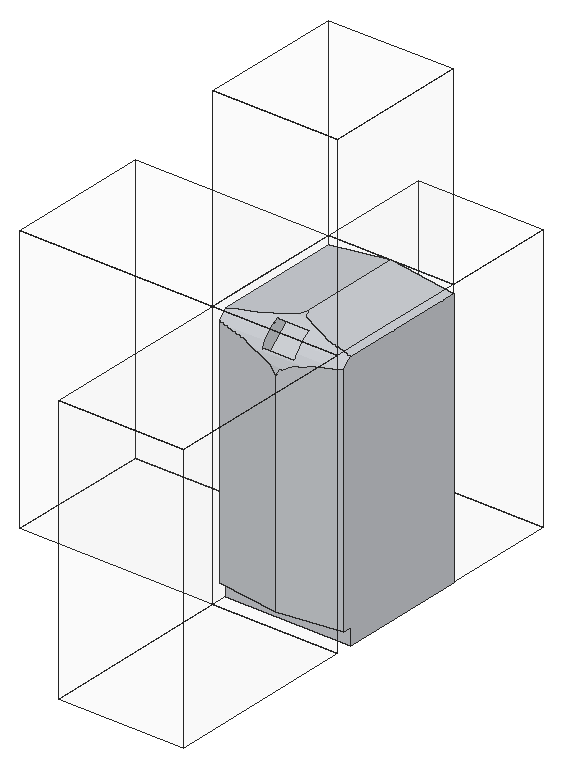
Revit family
Parameters (values of type "AWN151")
  water outlet radius = 1/2"
  WATER CONN SIZE = water inlet radius * 2  # 1 1/4"
  Voltage/Heater = "120"
  SES BIM Studio # = "201264901-3"
  J_ air inlet offset = 1 3/4"
  F_ water outlet offset = 10"
  water inlet radius = 5/8"
  G_water inlet offset = 1 1/2"
  WIDTH = 15 1/2"
  Voltage/Pump = "120"
  Voltage/Control = "24"
  AIR INLET SIZE = air inlet radius * 2  # 3"
  URL = "http://www.lochinvar.com/products/Default.aspx?type=ProductLine&lineid=11"
  Total Amps w/Pump = "3.0"
  Model = "KB-081"
  Manufacturer = "Lochinvar"
  MODEL NO. = "AWN151"
  gas conn radius = 1/4"
  K_gas conn offset = 12"
  I_gas conn height = 23"
  GAS CONN SIZE = gas conn radius * 2  # 1/2"
  GALLON CAPACITY = "1.3"
  flue radius = 1 1/2"
  VENT SIZE = flue radius * 2  # 3"
  D_ drain offset = 12 1/4"
  C_ DEPTH = 18"
  INPUT RATE (BTUH) = "150,000"
  A_HEIGHT = 33 1/4"
  FUEL TYPE = "NATURAL GAS"
  Description = "Knight Boiler"
  Fuel Type = "Natural or LP"
  E_condensate drain offset = 11 1/2"
  air inlet radius = 1 1/2"
  H_air inlet height = 21 1/4"
  # of Electrical Connections = "1"
Types (3): name | F_ water outlet offset | G_water inlet offset | Total Amps w/Pump | MODEL NO. | K_gas conn offset | GALLON CAPACITY | D_ drain offset | C_ DEPTH | INPUT RATE (BTUH) | E_condensate drain offset
  (no name) | 10" | 1 1/2" | "3.0" | "AWN151" | 12" | "1.3" | 12 1/4" | 18" | "150,000" | 11 1/2"
  AWN151 | 10" | 1 1/2" | "3.0" | "AWN151" | 12" | "1.3" | 12 1/4" | 18" | "150,000" | 11 1/2"
  AWN200 | 14 1/4" | 5 1/4" | "1.2" | "AWN200" | 16 1/4" | "1.7" | 16 1/2" | 22 1/4" | "199,999" | 15 3/4"
Reference planes (in)
  plane 1 "Center (Front/Back)": y = 6.125
  plane 2: z = 0
  plane 3 "Center (Left/Right)": x = -1.39218
  plane 4 "Back": y = 15.125
  plane 5 "Front": y = -2.875
  plane 6 "Top": z = 33.25
  plane 7 "Right": x = 6.35782
  plane 8 "Left": x = -9.14218
  plane 9 "Front Clearance": y = -26.875
  plane 10 "Back Clearance": y = 29.125
  plane 11 "Left Clearance": x = -33.14218
  plane 12 "Top Clearance": z = 57.25
  plane 13: y = 18.875
  plane 14: z = 2
Forms (in)
  Extrusion 1, solid
    sketch origin (-38.1296, -180, 3) x (-1, 0, 0) y (0, -1, 0)
      loop
        line (-28.98742, -195.125) -> (-28.98742, -177.125) -> (-44.48742, -177.125) -> (-44.48742, -195.125) -> (-28.98742, -195.125)
    from 30.25 to -3
  Extrusion 2, solid, material "Clearance"
    sketch origin (-15.62351, 24, -0.75) x (1, 0, 0) y (0, 1, 0)
      loop
        line (6.48133, 5.125) -> (6.48133, -8.875) -> (21.98133, -8.875) -> (21.98133, 5.125) -> (6.48133, 5.125)
    from 0.75 to 34
  Extrusion 3, solid, material "Clearance"
    sketch origin (0, 0, 33.25) x (-1, 0, 0) y (0, -1, 0)
      loop
        line (9.14218, 2.875) -> (9.14218, 26.875) -> (-6.35782, 26.875) -> (-6.35782, 2.875) -> (9.14218, 2.875)
    from -33.25 to 0
  Extrusion 4, solid
    sketch origin (0, 15.125, 11.25) x (1, 0, 0) y (0, 0, 1)
      loop
        circle (-1.39218, 0) r 1.5
    from 0 to -3.75
  Extrusion 5, solid
    sketch origin (-7, 15.125, 14) x (1, 0, 0) y (0, 0, 1)
      loop
        circle (-0.39218, 7.25) r 1.5
    from 0 to -3.75
  Extrusion 6, solid
    sketch origin (-9.14218, 0, 0) x (0, 1, 0) y (0, 0, 1)
      loop
        circle (13.625, 15.5) r 0.625
    from 0 to -1
  Extrusion 7, solid
    sketch origin (-9.14218, 0, 0) x (0, 1, 0) y (0, 0, 1)
      loop
        circle (5.125, 15.5) r 0.5
    from 0 to -1
  Extrusion 8, solid
    sketch origin (-9.14218, 0, 0) x (0, 1, 0) y (0, 0, 1)
      loop
        circle (3.625, 6.5) r 0.5
    from 0 to -1
  Extrusion 9, solid
    sketch origin (-9.14218, 0.5, 0) x (0, 1, 0) y (0, 0, 1)
      loop
        circle (2.375, 15.5) r 0.25
    from 0 to -1
  Extrusion 10, solid, material "Clearance"
    sketch origin (-24, 14, 33.25) x (-1, 0, 0) y (0, -1, 0)
      loop
        line (9.14218, -1.125) -> (9.14218, 16.875) -> (-14.85782, 16.875) -> (-14.85782, -1.125) -> (9.14218, -1.125)
    from -33.25 to 0
  Extrusion 11, solid
    sketch origin (-9.14218, 0, 0) x (0, 1, 0) y (0, 0, 1)
      loop
        circle (2.625, 23) r 0.25
    from 0 to -1
  Extrusion 12, solid, material "Clearance"
    sketch origin (-38.1296, -180, 27) x (-1, 0, 0) y (0, -1, 0)
      loop
        line (-28.98742, -195.125) -> (-28.98742, -177.125) -> (-44.48742, -177.125) -> (-44.48742, -195.125) -> (-28.98742, -195.125)
    from 30.25 to 6.25
  Extrusion 13, solid
    sketch origin (0, 15.125, 0) x (1, 0, 0) y (0, 0, 1)
      loop
        circle (-1.39218, 30) r 0.75
    from 0 to -1
  Extrusion 14, void
    sketch origin (-1.39218, 0, 0) x (0, 1, 0) y (0, 0, 1)
      loop
        line (-2.875, 33.25) -> (-2.875, 28.25)
        arc (-2.875, 28.25) -> (-1.41053, 31.78553) -> (2.125, 33.25) r 5
        line (2.125, 33.25) -> (-2.875, 33.25)
    from 7.75 to -7.75
  Extrusion 15, void
    sketch origin (0, 0, 33.25) x (-1, 0, 0) y (0, -1, 0)
      loop
        line (-6.35782, 2.875) -> (-6.35782, 1.875) -> (1.39218, 2.875) -> (-6.35782, 2.875)
    from 0 to -31.25
  Extrusion 16, void
    sketch origin (0, 0, 33.25) x (-1, 0, 0) y (0, -1, 0)
      loop
        line (9.14218, 2.875) -> (1.39218, 2.875) -> (9.14218, 1.875) -> (9.14218, 2.875)
    from 0 to -31.25
  Extrusion 17, void
    sketch origin (0, -2.875, 0) x (1, 0, 0) y (0, 0, 1)
      loop
        line (6.35782, 33.25) -> (-1.39218, 33.25) -> (6.35782, 32.25) -> (6.35782, 33.25)
    from 0 to -18
  Extrusion 18, void
    sketch origin (0, -2.875, 0) x (1, 0, 0) y (0, 0, 1)
      loop
        line (-9.14218, 33.25) -> (-9.14218, 32.25) -> (-1.39218, 33.25) -> (-9.14218, 33.25)
    from 0 to -18
  Extrusion 19, void
    sketch origin (-1.39218, 0, 0) x (0, 1, 0) y (0, 0, 1)
      loop
        line (-2.875, 2) -> (-2.875, 0) -> (-0.875, 0) -> (-0.875, 2) -> (-2.875, 2)
    from 7.75 to -7.75
  Extrusion 20, void
    sketch origin (-1.39218, 0, 0) x (0, 1, 0) y (0, 0, 1)
      loop
        line (-2.375, 32.75) -> (-2.375, 28.68478) -> (2.3, 32.75) -> (-2.375, 32.75)
    from 2 to -2
Cuts and joins
  Extrusion 14, Extrusion 15, Extrusion 16, Extrusion 17, Extrusion 18, Extrusion 19, Extrusion 20 cuts Extrusion 1
  Extrusion 14, Extrusion 15, Extrusion 16, Extrusion 19 cuts Extrusion 3
  Extrusion 14, Extrusion 15, Extrusion 16, Extrusion 17, Extrusion 18 cuts Extrusion 12
  Extrusion 16, Extrusion 18 cuts Extrusion 10
Lines and regions (in)
  model lines
    curve 1: line (6.35782, 15.125, 32.25) -> (6.35782, 15.125, 31.25)
Dimensions and locks (in)
  "A_HEIGHT": plane 6 "Top" to level
  equal spacing: plane 8 "Left", plane 3 "Center (Left/Right)", plane 7 "Right"
  "WIDTH": plane 8 "Left" to plane 7 "Right"
  equal spacing: plane 5 "Front", plane 1 "Center (Front/Back)", plane 4 "Back"
  "C_ DEPTH": plane 5 "Front" to plane 4 "Back"
  locked: plane 9 "Front Clearance" to plane 5 "Front" at 24
  locked: Extrusion 2 to Extrusion 4 at 11.25
  "J_ air inlet offset": Extrusion 5 sketch curve to plane 8 "Left"
  "H_air inlet height": level to Extrusion 5 sketch curve
  locked: Extrusion 1 to Extrusion 6 at 15.5
  "F_ water outlet offset": plane 4 "Back" to Extrusion 7 sketch curve
  locked: Extrusion 1 to Extrusion 8 at 6.5
  "E_condensate drain offset": plane 4 "Back" to Extrusion 8 sketch curve
  "D_ drain offset": Extrusion 2 to Extrusion 9 sketch curve
  "G_water inlet offset": plane 4 "Back" to Extrusion 6 sketch curve
  "I_gas conn height": Extrusion 3 to Extrusion 11 sketch curve
  locked: plane 12 "Top Clearance" to plane 6 "Top" at 24
  locked: plane 11 "Left Clearance" to plane 8 "Left" at 24
  locked: plane 10 "Back Clearance" to plane 4 "Back" at 14
  level to Extrusion 13 sketch curve = 30"
  locked: plane 13 to plane 4 "Back" at 3.75
  locked: plane 14 to level at 2
  "flue radius": radius of Extrusion 4 sketch curve
  "air inlet radius": radius of Extrusion 5 sketch curve
  "water inlet radius": radius of Extrusion 6 sketch curve
  "water outlet radius": radius of Extrusion 7 sketch curve
  radius of Extrusion 8 sketch curve = 1/2"
  "gas conn radius": radius of Extrusion 9 sketch curve
  radius of Extrusion 11 sketch curve = 1/4"
  aligned and locked: plane 5 "Front" to Extrusion 1
  aligned and locked: Extrusion 1 to level
  aligned and locked: Extrusion 3 sketch curve to Extrusion 1  (x2)
  aligned and locked: plane 7 "Right" to Extrusion 3 sketch curve
  aligned and locked: Extrusion 3 to Extrusion 1
  aligned and locked: Extrusion 2 to Extrusion 1  (x4)
  aligned and locked: plane 4 "Back" to Extrusion 2
  aligned and locked: Extrusion 2 to plane 8 "Left"
  aligned and locked: Extrusion 2 to plane 7 "Right"
  aligned and locked: Extrusion 1 to plane 7 "Right"
  aligned and locked: Extrusion 3 to plane 5 "Front"
  aligned and locked: Extrusion 1 to plane 4 "Back"
  aligned and locked: plane 6 "Top" to Extrusion 1
  aligned and locked: plane 6 "Top" to Extrusion 2
  aligned and locked: Extrusion 2 to plane 10 "Back Clearance"
  aligned and locked: plane 5 "Front" to Extrusion 10
  aligned and locked: plane 8 "Left" to Extrusion 10
  aligned and locked: Extrusion 10 to plane 11 "Left Clearance"
  aligned and locked: Extrusion 10 to plane 4 "Back"
  aligned and locked: plane 12 "Top Clearance" to Extrusion 12
  aligned and locked: Extrusion 12 to plane 6 "Top"
  aligned and locked: Extrusion 12 to plane 7 "Right"
  aligned and locked: Extrusion 12 to plane 8 "Left"
  aligned and locked: Extrusion 4 to plane 13
  aligned and locked: Extrusion 5 to Extrusion 4
  aligned and locked: Extrusion 14 to plane 7 "Right"
  aligned and locked: Extrusion 14 to plane 8 "Left"
  aligned and locked: plane 6 "Top" to Extrusion 14
  aligned and locked: Extrusion 16 to plane 8 "Left"
  aligned and locked: Extrusion 15 to plane 7 "Right"
  aligned and locked: plane 5 "Front" to Extrusion 16
  aligned and locked: plane 5 "Front" to Extrusion 15
  aligned: Extrusion 15 to level
  aligned and locked: Extrusion 15 to plane 14
  aligned and locked: Extrusion 16 to cut or joined group of Extrusion 1, Extrusion 14, Extrusion 15, Extrusion 16, Extrusion 17, Extrusion 18, Extrusion 19, Extrusion 20
  aligned and locked: Extrusion 17 to plane 7 "Right"
  aligned and locked: plane 6 "Top" to Extrusion 17
  aligned and locked: Extrusion 18 to plane 8 "Left"
  aligned and locked: plane 6 "Top" to Extrusion 18
  aligned and locked: Extrusion 17 to plane 4 "Back"
  aligned and locked: Extrusion 18 to plane 4 "Back"
  aligned and locked: plane 5 "Front" to Extrusion 19
  aligned and locked: Extrusion 19 to Extrusion 15
  aligned and locked: Extrusion 19 to level
  aligned and locked: Extrusion 19 to plane 7 "Right"
  aligned and locked: Extrusion 19 to plane 8 "Left"
Automatic sketch dimensions
  plane 4 "Back" to Extrusion 1 sketch curve = 0"
  Extrusion 1 sketch curve to plane 7 "Right" = 0"
  plane 5 "Front" to Extrusion 1 sketch curve = 0"
  Extrusion 1 sketch curve to plane 8 "Left" = 0"
  plane 4 "Back" to Extrusion 2 sketch curve = 0"
  Extrusion 2 sketch curve to plane 8 "Left" = 0"
  Extrusion 2 sketch curve to plane 7 "Right" = 0"
  plane 10 "Back Clearance" to Extrusion 2 sketch curve = 0"
  plane 9 "Front Clearance" to Extrusion 3 sketch curve = 0"
  Extrusion 4 sketch curve to plane 3 "Center (Left/Right)" = 0"
  level to Extrusion 4 sketch curve = 11 1/4"
  level to Extrusion 6 sketch curve = 15 1/2"
  level to Extrusion 7 sketch curve = 15 1/2"
  level to Extrusion 8 sketch curve = 6 1/2"
  Extrusion 9 sketch curve to plane 6 "Top" = 17 3/4"
  plane 4 "Back" to Extrusion 10 sketch curve = 0"
  Extrusion 10 sketch curve to plane 8 "Left" = 0"
  plane 5 "Front" to Extrusion 10 sketch curve = 0"
  Extrusion 10 sketch curve to plane 11 "Left Clearance" = 0"
  plane 1 "Center (Front/Back)" to Extrusion 11 sketch curve = 3 1/2"
  Extrusion 12 sketch curve to plane 4 "Back" = 0"
  Extrusion 12 sketch curve to plane 7 "Right" = 0"
  plane 5 "Front" to Extrusion 12 sketch curve = 0"
  Extrusion 12 sketch curve to plane 8 "Left" = 0"
  Extrusion 13 sketch curve to plane 3 "Center (Left/Right)" = 0"
  Extrusion 14 sketch curve to plane 5 "Front" = 0"
  Extrusion 14 sketch curve to plane 6 "Top" = 0"
  plane 1 "Center (Front/Back)" to Extrusion 14 sketch curve = 4"
  Extrusion 15 sketch curve to plane 7 "Right" = 0"
  Extrusion 15 sketch curve to plane 3 "Center (Left/Right)" = 0"
  Extrusion 15 sketch curve to plane 5 "Front" = 1"
  plane 5 "Front" to Extrusion 15 sketch curve = 0"
  Extrusion 16 sketch curve to plane 3 "Center (Left/Right)" = 0"
  Extrusion 16 sketch curve to plane 8 "Left" = 0"
  plane 5 "Front" to Extrusion 16 sketch curve = 0"
  Extrusion 16 sketch curve to Extrusion 16 sketch curve = 1"
  Extrusion 17 sketch curve to plane 3 "Center (Left/Right)" = 0"
  plane 7 "Right" to Extrusion 17 sketch curve = 0"
  Extrusion 17 sketch curve to plane 6 "Top" = 0"
  Extrusion 17 sketch curve to Extrusion 17 sketch curve = 1"
  Extrusion 18 sketch curve to plane 8 "Left" = 0"
  Extrusion 18 sketch curve to plane 3 "Center (Left/Right)" = 0"
  Extrusion 18 sketch curve to plane 6 "Top" = 0"
  Extrusion 18 sketch curve to Extrusion 18 sketch curve = 1"
  Extrusion 19 sketch curve to plane 5 "Front" = 0"
  Extrusion 19 sketch curve to level = 0"
  Extrusion 19 sketch curve to plane 14 = 0"
  Extrusion 19 sketch curve to plane 5 "Front" = 2"
  Extrusion 20 sketch curve to plane 5 "Front" = 1/2"
  Extrusion 20 sketch curve to plane 6 "Top" = 1/2"
  plane 1 "Center (Front/Back)" to Extrusion 20 sketch curve = 3.825"
  Extrusion 20 sketch curve to plane 6 "Top" = 4.56522"
  curve 1 to plane 4 "Back" = 0"
  curve 1 to plane 6 "Top" = 1"
  curve 1 to curve 1 = 1"
  radius of Extrusion 13 sketch curve = 3/4"
Connectors (in)
  hvac at (-1.39218, 18.875, 11.25), driven by "flue radius"
    settings: on Extrusion 4, index 1, duct flow 0 CFM, flow factor 0, pres drop 0.00 in-wg, loss coef 0, conn angle 0.00°, conn width 12", conn height 12", conn radius 1 1/2", duct sys type 3, conn prof type 0, flow config 0, flow direction 2, loss method 0, conn ref index -1, conn util no, is conn primary yes, conn desc "Flue"
  hvac at (-7.39218, 18.875, 21.25), driven by "air inlet radius"
    settings: on Extrusion 5, index 2, duct flow 0 CFM, flow factor 0, pres drop 0.00 in-wg, loss coef 0, conn angle 0.00°, conn width 12", conn height 12", conn radius 1 1/2", duct sys type 1, conn prof type 0, flow config 0, flow direction 1, loss method 0, conn ref index -1, conn util no, is conn primary no, conn desc "Air Inlet"
  piping at (-10.14218, 13.625, 15.5), driven by "water inlet radius"
    settings: on Extrusion 6, index 3, connector radius 5/8", flow factor 0, pipe flow 0 GPM, pressure drop 0.00 psi, fitting loss kfactor 0, connector angle 0.00°, fixture units 0, flow configuration 1, flow direction 1, fitting loss method 4, system type 20, connector reference index -1, connector utility 0, adjustable connector no, is connector primary yes, fitting loss table "", connector description "Water Inlet"
  piping at (-10.14218, 5.125, 15.5), driven by "water outlet radius"
    settings: on Extrusion 7, index 4, connector radius 1/2", flow factor 0, pipe flow 0 GPM, pressure drop 0.00 psi, fitting loss kfactor 0, connector angle 0.00°, fixture units 0, flow configuration 0, flow direction 2, fitting loss method 0, system type 19, connector reference index -1, connector utility 0, adjustable connector no, is connector primary no, fitting loss table "", connector description "Water Outlet"
  piping at (-10.14218, 2.875, 15.5), driven by "gas conn radius"
    settings: on Extrusion 9, index 5, connector radius 1/4", flow factor 0, pipe flow 0 GPM, pressure drop 0.00 psi, fitting loss kfactor 0, connector angle 0.00°, fixture units 0, flow configuration 3, flow direction 2, fitting loss method 0, system type 16, connector reference index -1, connector utility 0, adjustable connector no, is connector primary no, fitting loss table "", connector description "Drain"
  piping at (-10.14218, 3.625, 6.5)
    settings: on Extrusion 8, index 6, connector radius 1/2", flow factor 0, pipe flow 0 GPM, pressure drop 0.00 psi, fitting loss kfactor 0, connector angle 0.00°, fixture units 0, flow configuration 0, flow direction 2, fitting loss method 0, system type 16, connector reference index -1, connector utility 0, adjustable connector no, is connector primary no, fitting loss table "", connector description "Cond Drain"
  piping at (-10.14218, 2.625, 23)
    settings: on Extrusion 11, index 7, connector radius 1/4", flow factor 0, pipe flow 0 GPM, pressure drop 0.00 psi, fitting loss kfactor 0, connector angle 0.00°, fixture units 0, flow configuration 1, flow direction 1, fitting loss method 0, system type 22, connector reference index -1, connector utility 0, adjustable connector no, is connector primary no, fitting loss table "", connector description "Gas Conn"
  electrical at (-1.39218, 16.125, 30)
    settings: on Extrusion 13, index 8, voltage 0 V, apparent load 0 VA, apparent load phase1 0 VA, apparent load phase2 0 VA, apparent load phase3 0 VA, power factor 1, load classification "Other", number of poles 1, system type 30, power factor state 1, is connector primary yes, connector utility no, sub classification motor no, connector description "Line Voltage"
